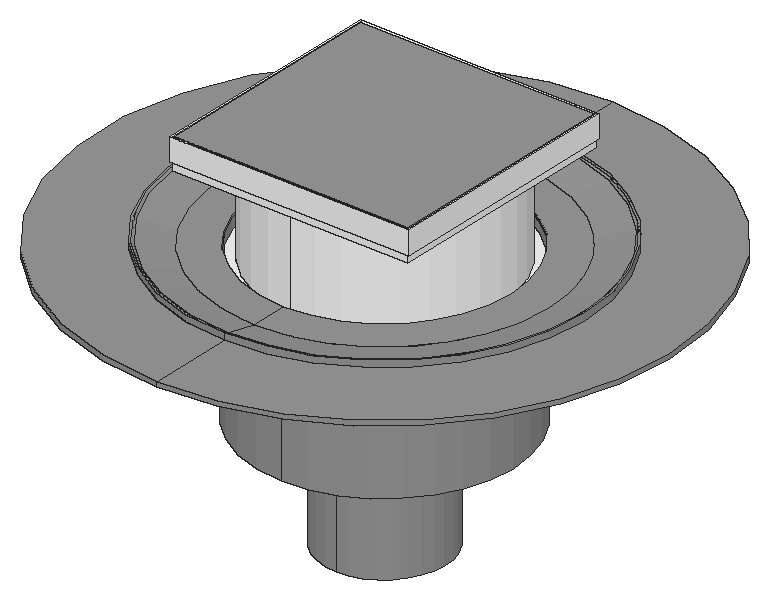
Revit family "HL_RU_Roof drain_HL62B-B-221103", category Sanitärinstallationen, Revit 2020
Family settings
  Bemaßung runder Anschluss = Durchmesser verwenden
  Teiletyp = Normal
  OmniClass-Nummer = 23.70.50.21.24.14
  OmniClass-Titel = Deck Waste Water Drains
  Arbeitsebenenbasiert = Nein
  Immer vertikal = Ja
  Beim Laden mit Abzugskörper schneiden = Nein
  Gemeinsam genutzt = Nein
  Raumberechnungspunkt = Ja
Parameters (values of type "HL_Кровельная воронка_HL62B_7")
  РЕШЁТКА = "Edelstahl 137x137mm"
  РАЗМЕР = "DN75"
  ПРОПУСКНАЯ СПОСОБНОСТЬ [instance] = 0.0 L/s
  ПРОИЗВОДИТЕЛЬНОСТЬ = "6,0 l/s"
  ПРАВОВАЯ ИНФОРМАЦИЯ = "Авторские права(©), права на дизайн или какие либо другие права интелектуальной собственности являются исключительной собственностью компании HL Hutterer & Lechner. Изменению не подлежит. Файл семейства с данными о прозводителе изделия защищен паролем с водяным знаком."
  НОМИНАЛЬНЫЙ ДИАМЕТР = 75 mm
  НАСАДКА = "12-65mm/148x148mm"
  МАТЕРИАЛ = "PP"
  МАКСИМАЛЬНАЯ НАГРУЗКА КЛАССА = "K - 300 kg"
  ВЫСОТА МОНТАЖА = "120 mm"
  ВЕС = "1,8 [kg]"
  Vorgabe-Ansicht = 0 mm
  Hersteller = "HL Hutterer & Lechner GmbH"  # constant formula
  URL = "http://www.hutterer-lechner.com/ru/products/catalog/roof-drains/HL62B/7.aspx"
  Материал плитка [instance] = none
  Lüftungsverbindung = no
  Abwasserrohrverbindung = yes
  HW-Verbindung = no
  KW-Verbindung = no
  Beschreibung = "Кровельные воронки"
  Model = "HL62B_7"
  Assembly Code = " "
  Typenkommentare = "HL62B/7 Кровельная воронка DN75 с зажимным элементом. Проходная _ 148х148мм/137х137мм.,"
  Keynote = "HL62B_7"
  Bысота монтажа [instance] = 65 mm  # constant formula
  G [instance] = 180.00°  # constant formula
  EAN = "9003076836253"
  D [instance] = if(НОМИНАЛЬНЫЙ ДИАМЕТР = 160 mm, 60 mm, 67 mm) + Bысота монтажа  # 132 mm
  C [instance] = if(Bысота монтажа - 68 mm < 0 mm, 0 mm, Bысота монтажа - 68 mm)  # 0 mm
  B [instance] = 100 mm  # constant formula
  A [instance] = if(B - 100 mm > 15 mm, B - 100 mm, 15 mm)  # 15 mm
Types (5, lengths in mm): name | РАЗМЕР | НОМИНАЛЬНЫЙ ДИАМЕТР | ВЕС | URL | Model | Typenkommentare | Keynote | EAN | D
  (no name) | "DN75" | 75 | "1,8 [kg]" | "http://www.hutterer-lechner.com/ru/products/catalog/roof-drains/HL62B/7.aspx" | "HL62B_7" | "HL62B/7 Кровельная воронка DN75 с зажимным элементом. Проходная _ 148х148мм/137х137мм.," | "HL62B_7" | "9003076836253" | 132
  HL_Кровельная воронка_HL62B_1 | "DN110" | 110 | "1,78 [kg]" | "http://www.hutterer-lechner.com/ru/products/catalog/roof-drains/HL62B/1.aspx" | "HL62B_1" | "HL62B/1 Кровельная воронка DN110 с зажимным элементом. Проходная _ 148х148мм/137х137мм.," | "HL62B_1" | "9003076806256" | 132
  HL_Кровельная воронка_HL62B_2 | "DN125" | 125 | "1,78 [kg]" | "http://www.hutterer-lechner.com/ru/products/catalog/roof-drains/HL62B/2.aspx" | "HL62B_2" | "HL62B/2 Кровельная воронка DN125 с зажимным элементом. Проходная _ 148х148мм/137х137мм.," | "HL62B_2" | "9003076816255" | 132
  HL_Кровельная воронка_HL62B_5 | "DN160" | 160 | "1,81 [kg]" | "http://www.hutterer-lechner.com/ru/products/catalog/roof-drains/HL62B/5.aspx" | "HL62B_5" | "HL62B/5 Кровельная воронка DN160 с зажимным элементом. Проходная _ 148х148мм/137х137мм.," | "HL62B_5" | "9003076826254" | 125
  HL_Кровельная воронка_HL62B_7 | "DN75" | 75 | "1,8 [kg]" | "http://www.hutterer-lechner.com/ru/products/catalog/roof-drains/HL62B/7.aspx" | "HL62B_7" | "HL62B/7 Кровельная воронка DN75 с зажимным элементом. Проходная _ 148х148мм/137х137мм.," | "HL62B_7" | "9003076836253" | 132
Reference planes
  plane 1 "Center (Front/Back)": y = 0
  plane 2: z = 0
  plane 3 "Center (Left/Right)": x = 0
  plane 4: z = -100
  plane 5: z = -65
Lines and regions (mm)
  model lines, style "InvisibleLines"
    curve 1: line (0, 0, 0) -> (0, 0, 20)
  model lines, style "PlumbingFixtures", detail levels coarse+medium
    curve 2: line (0, 0, -100) -> (0, 0, -85)
    curve 3: line (0, 0, -85) -> (-85, 0, 0)
    curve 4: line (0, 0, -85) -> (85, 0, 0)
    curve 6: line (0, 0, -100) -> (0, 0, -232)
  reference lines, not visible
    curve 5: line (0, 0, -100) -> (0, 0, -232)
  symbolic lines, style "PlumbingFixtures", detail levels coarse+medium
    curve 7: line (-75, 75, 0) -> (75, 75, 0)
    curve 8: line (-75, -75, 0) -> (-75, 75, 0)
    curve 9: line (75, -75, 0) -> (-75, -75, 0)
    curve 10: line (75, 75, 0) -> (75, -75, 0)
    curve 11: line (-75, 75, 0) -> (-145.711, 145.711, 0)
    curve 12: line (75, 75, 0) -> (145.711, 145.711, 0)
    curve 13: line (-75, -75, 0) -> (-145.711, -145.711, 0)
    curve 14: line (75, -75, 0) -> (145.711, -145.711, 0)
  symbolic lines, style "PlumbingFixtures", not visible, detail levels coarse+medium
    curve 15: line (-75, 75, 0) -> (75, 75, 0)
    curve 16: line (-75, -75, 0) -> (-75, 75, 0)
    curve 17: line (75, -75, 0) -> (-75, -75, 0)
    curve 18: line (75, 75, 0) -> (75, -75, 0)
    curve 19: line (-75, 75, 0) -> (-145.711, 145.711, 0)
    curve 20: line (75, 75, 0) -> (145.711, 145.711, 0)
    curve 21: line (-75, -75, 0) -> (-145.711, -145.711, 0)
    curve 22: line (75, -75, 0) -> (145.711, -145.711, 0)
Text (mm)
  text "FLOOR" at (-162.344, 0, -10.979), in view "Drain Construction View"
Dimensions and locks
  "B": plane 2 to plane 4
  "Bысота монтажа": plane 2 to plane 5
  "A": curve 4 to plane 4
  "D": curve 5 to curve 5
  "D": curve 6 to curve 6
  locked: curve 4 to plane 3 "Center (Left/Right)" (angle 45.00°)
  locked: plane 3 "Center (Left/Right)" to curve 3 (angle 45.00°)
  "G": angle curve 5 to plane 3 "Center (Left/Right)"
  aligned and locked: level to plane 2
  aligned and locked: plane 2 to curve 4
  aligned and locked: plane 2 to curve 3
  aligned and locked: plane 4 to curve 5
  aligned and locked: plane 3 "Center (Left/Right)" to curve 5
  aligned and locked: plane 4 to curve 2
  aligned and locked: curve 6 to plane 3 "Center (Left/Right)"
  aligned and locked: curve 6 to plane 4
  aligned and locked: plane 3 "Center (Left/Right)" to nested 1
  aligned and locked: plane 5 to nested 2
  aligned and locked: plane 2 to nested 1
  aligned and locked: plane 3 "Center (Left/Right)" to nested 2
Automatic sketch dimensions
  curve 2 to plane 3 "Center (Left/Right)" = 0 mm
  curve 1 to plane 3 "Center (Left/Right)" = 0 mm
  curve 1 to level = 0 mm
  level to curve 1 = 20 mm
Nested families
  nested 1: "HL_Насадка_HL66.9S" at (0, 0, 0), Bысота монтажа <- "Bысота монтажа", type "HL_Насадка_HL66.9S"
    with L 93 mm, IHmin 12 mm, IHmax 65 mm, Bысота монтажа 65 mm
  nested 2: "HL_кровельные воронки - корпус_HL62" at (0, 0, -65), НОМИНАЛЬНЫЙ ДИАМЕТР <- "НОМИНАЛЬНЫЙ ДИАМЕТР", type "HL_кровельные воронки - корпус_HL62"
    with НОМИНАЛЬНЫЙ ДИАМЕТР 75 mm, L 69 mm
Connectors
  piping at (0, 0, -232), diameter 75, driven by "ПРОПУСКНАЯ СПОСОБНОСТЬ", driven by "НОМИНАЛЬНЫЙ ДИАМЕТР"
    settings: on curve 5, index 1, connector inside diameter 609.6 mm, connector length 0 mm, flow factor 0, pipe flow 0.0 L/s, pressure drop 0.0 Pa, fitting loss kfactor 0, connector angle 0.00°, fixture units 0, engagement length 0 mm, angle of deflection 0.00°, flow configuration 1, flow direction 2, fitting loss method 0, system type 16, joint type 0, gender type 0, connector reference index -1, connector utility 0, adjustable connector yes, is connector primary yes, connector description ""
Definition of nested family "HL_Насадка_HL66.9S"
  Parameters (values of type "HL_Насадка_HL66.9S")
    РЕШЁТКА = "Edelstahl 138x138mm"
    РАЗМЕР = "d 145 mm"
    ПРАВОВАЯ ИНФОРМАЦИЯ = "Авторские права(©), права на дизайн или какие либо другие права интелектуальной собственности являются исключительной собственностью компании HL Hutterer & Lechner. Изменению не подлежит. Файл семейства с данными о прозводителе изделия защищен паролем с водяным знаком."
    НАСАДКА = "147x147mm"
    МАТЕРИАЛ = "PP"
    МАКСИМАЛЬНАЯ НАГРУЗКА КЛАССА = "K - 300 kg"
    ВЫСОТА МОНТАЖА = "12-65mm"
    Материал плитка = none
    ВЕС = "0,345 [kg]"
    Default Elevation = 0 mm
    L [instance] = if(Bысота монтажа < IHmin, -100 mm, if(Bысота монтажа > IHmax, -100 mm, Bысота монтажа + 28 mm))  # 93 mm
    Manufacturer = "HL Hutterer & Lechner GmbH"
    URL = "http://www.hutterer-lechner.com/ru/products/catalog/roof-drains/HL66.9.aspx"
    Description = "Кровельные воронки"
    Model = "HL66.9"
    Type Comments = "HL66.9, Насадка d 145мм с бороздками/147х147мм/138х138мм"
    Keynote = "HL66.9"
    Bысота монтажа [instance] = 65 mm
    IHmin [instance] = 12 mm
    IHmax [instance] = 65 mm
    EAN = "9003076014606"
    Cost = 0
  Reference planes
    plane 1 "Střed (vpředu/vzadu)": y = 0
    plane 2: z = 0
    plane 3 "Střed (vlevo/vpravo)": x = 0
  Forms (mm)
    Revolve 1, solid, detail levels fine
      sketch origin (0, 0, 128) x (0, 1, 0) y (0, 0, 1)
        loop
          line (72.5, -142) -> (69.248, -142) -> (69.248, -221) -> (72.5, -221) -> (72.5, -142)
        axis (0, -142) -> (0, -221)
      angle from 0 to 360
    Extrusion 2, solid, detail levels fine
      sketch origin (-1.537, 0, -14.6) x (0, 1, 0) y (-1, 0, 0)
        loop
          line (74, 72.459) -> (-74, 72.459) -> (-74, -75.537) -> (74, -75.537) -> (74, 72.459)
        loop
          line (73, 71.463) -> (-73, 71.463) -> (-73, -74.537) -> (73, -74.537) -> (73, 71.463)
      from 0.6 to 14.6
    Extrusion 3, solid, detail levels fine
      sketch origin (-1.537, 0, -14) x (-1, 0, 0) y (0, 1, 0)
        loop
          line (71.463, 73) -> (-74.537, 73) -> (-74.537, -73) -> (71.463, -73) -> (71.463, 73)
        loop
          circle (-1.537, 0) r 72.5
      from 0 to 5
    Extrusion 4, solid, detail levels fine
      sketch origin (-1.537, 0, -14) x (-1, 0, 0) y (0, -1, 0)
        loop
          line (70.95, -72.397) -> (70.95, 72.463) -> (-74.05, 72.463) -> (-74.05, -72.397) -> (70.95, -72.397)
      from 0 to 14
    Revolve 5, solid, detail levels fine
      sketch origin (0, 75.989, -93) x (0, -1, 0) y (0, 0, -1)
        loop
          line (3.489, -20) -> (3.489, 0) -> (0.186, 0) -> (-2.325, -2.511) -> (-2.325, -20) -> (3.489, -20)
        axis (75.989, -20) -> (75.989, 0)
      angle from 0 to 360
  Lines and regions (mm)
    model lines, detail levels fine
      curve 1: line (36.25, 24.325, 0) -> (36.25, -24.42, 0)
      curve 2: line (43.75, -24.42, 0) -> (43.75, 24.325, 0)
      curve 3: line (52.25, 40.306, 0) -> (52.25, -40.355, 0)
      curve 4: line (59.75, -40.355, 0) -> (59.75, 40.306, 0)
      curve 5: line (20.25, 8.588, 0) -> (20.25, -8.684, 0)
      curve 6: line (27.75, -8.684, 0) -> (27.75, 8.588, 0)
      curve 7: arc (27.75, 8.588, 0) -> (24, 12.338, 0) -> (20.25, 8.588, 0) r 3.75
      curve 8: arc (20.25, -8.684, 0) -> (24, -12.434, 0) -> (27.75, -8.684, 0) r 3.75
      curve 9: arc (36.25, -24.42, 0) -> (40, -28.17, 0) -> (43.75, -24.42, 0) r 3.75
      curve 10: arc (43.75, 24.325, 0) -> (40, 28.075, 0) -> (36.25, 24.325, 0) r 3.75
      curve 11: arc (59.75, 40.306, 0) -> (56, 44.056, 0) -> (52.25, 40.306, 0) r 3.75
      curve 12: arc (52.25, -40.355, 0) -> (56, -44.105, 0) -> (59.75, -40.355, 0) r 3.75
      curve 13: line (-24.325, -36.25, 0) -> (24.42, -36.25, 0)
      curve 14: line (24.42, -43.75, 0) -> (-24.325, -43.75, 0)
      curve 15: line (-40.306, -52.25, 0) -> (40.355, -52.25, 0)
      curve 16: line (40.355, -59.75, 0) -> (-40.306, -59.75, 0)
      curve 17: line (-8.588, -20.25, 0) -> (8.684, -20.25, 0)
      curve 18: line (8.684, -27.75, 0) -> (-8.588, -27.75, 0)
      curve 19: arc (-8.588, -27.75, 0) -> (-12.338, -24, 0) -> (-8.588, -20.25, 0) r 3.75
      curve 20: arc (8.684, -20.25, 0) -> (12.434, -24, 0) -> (8.684, -27.75, 0) r 3.75
      curve 21: arc (24.42, -36.25, 0) -> (28.17, -40, 0) -> (24.42, -43.75, 0) r 3.75
      curve 22: arc (-24.325, -43.75, 0) -> (-28.075, -40, 0) -> (-24.325, -36.25, 0) r 3.75
      curve 23: arc (-40.306, -59.75, 0) -> (-44.056, -56, 0) -> (-40.306, -52.25, 0) r 3.75
      curve 24: arc (40.355, -52.25, 0) -> (44.105, -56, 0) -> (40.355, -59.75, 0) r 3.75
      curve 25: line (36.25, -24.42, 0) -> (36.25, 24.325, 0)
      curve 26: line (43.75, 24.325, 0) -> (43.75, -24.42, 0)
      curve 27: line (52.25, -40.355, 0) -> (52.25, 40.306, 0)
      curve 28: line (59.75, 40.306, 0) -> (59.75, -40.355, 0)
      curve 29: line (20.25, -8.684, 0) -> (20.25, 8.588, 0)
      curve 30: line (27.75, 8.588, 0) -> (27.75, -8.684, 0)
      curve 31: arc (27.75, -8.588, 0) -> (24, -12.338, 0) -> (20.25, -8.588, 0) r 3.75
      curve 32: arc (20.25, 8.684, 0) -> (24, 12.434, 0) -> (27.75, 8.684, 0) r 3.75
      curve 33: arc (36.25, 24.42, 0) -> (40, 28.17, 0) -> (43.75, 24.42, 0) r 3.75
      curve 34: arc (43.75, -24.325, 0) -> (40, -28.075, 0) -> (36.25, -24.325, 0) r 3.75
      curve 35: arc (59.75, -40.306, 0) -> (56, -44.056, 0) -> (52.25, -40.306, 0) r 3.75
      curve 36: arc (52.25, 40.355, 0) -> (56, 44.105, 0) -> (59.75, 40.355, 0) r 3.75
      curve 37: line (24.42, -36.25, 0) -> (-24.325, -36.25, 0)
      curve 38: line (-24.325, -43.75, 0) -> (24.42, -43.75, 0)
      curve 39: line (40.355, -52.25, 0) -> (-40.306, -52.25, 0)
      curve 40: line (-40.306, -59.75, 0) -> (40.355, -59.75, 0)
      curve 41: line (8.684, -20.25, 0) -> (-8.588, -20.25, 0)
      curve 42: line (-8.588, -27.75, 0) -> (8.684, -27.75, 0)
      curve 43: arc (8.588, -27.75, 0) -> (12.338, -24, 0) -> (8.588, -20.25, 0) r 3.75
      curve 44: arc (-8.684, -20.25, 0) -> (-12.434, -24, 0) -> (-8.684, -27.75, 0) r 3.75
      curve 45: arc (-24.42, -36.25, 0) -> (-28.17, -40, 0) -> (-24.42, -43.75, 0) r 3.75
      curve 46: arc (24.325, -43.75, 0) -> (28.075, -40, 0) -> (24.325, -36.25, 0) r 3.75
      curve 47: arc (40.306, -59.75, 0) -> (44.056, -56, 0) -> (40.306, -52.25, 0) r 3.75
      curve 48: arc (-40.355, -52.25, 0) -> (-44.105, -56, 0) -> (-40.355, -59.75, 0) r 3.75
      curve 49: line (-36.25, 24.325, 0) -> (-36.25, -24.325, 0)
      curve 50: line (-43.75, -24.325, 0) -> (-43.75, 24.325, 0)
      curve 51: line (-52.25, 40.306, 0) -> (-52.25, -40.306, 0)
      curve 52: line (-59.75, -40.306, 0) -> (-59.75, 40.306, 0)
      curve 53: line (-20.25, 8.588, 0) -> (-20.25, -8.588, 0)
      curve 54: line (-27.75, -8.684, 0) -> (-27.75, 8.588, 0)
      curve 55: arc (-27.75, 8.588, 0) -> (-24, 12.338, 0) -> (-20.25, 8.588, 0) r 3.75
      curve 56: arc (-20.25, -8.684, 0) -> (-24, -12.434, 0) -> (-27.75, -8.684, 0) r 3.75
      curve 57: arc (-43.75, 24.325, 0) -> (-40, 28.075, 0) -> (-36.25, 24.325, 0) r 3.75
      curve 58: arc (-59.75, 40.306, 0) -> (-56, 44.056, 0) -> (-52.25, 40.306, 0) r 3.75
      curve 59: line (-36.25, -24.325, 0) -> (-36.25, 24.325, 0)
      curve 60: line (-43.75, 24.325, 0) -> (-43.75, -24.325, 0)
      curve 61: line (-52.25, -40.306, 0) -> (-52.25, 40.306, 0)
      curve 62: line (-59.75, 40.306, 0) -> (-59.75, -40.306, 0)
      curve 63: line (-20.25, -8.588, 0) -> (-20.25, 8.588, 0)
      curve 64: line (-27.75, 8.588, 0) -> (-27.75, -8.684, 0)
      curve 65: arc (-27.75, -8.588, 0) -> (-24, -12.338, 0) -> (-20.25, -8.588, 0) r 3.75
      curve 66: arc (-20.25, 8.684, 0) -> (-24, 12.434, 0) -> (-27.75, 8.684, 0) r 3.75
      curve 67: arc (-36.25, 24.42, 0) -> (-40, 28.17, 0) -> (-43.75, 24.42, 0) r 3.75
      curve 68: arc (-43.75, -24.325, 0) -> (-40, -28.075, 0) -> (-36.25, -24.325, 0) r 3.75
      curve 69: arc (-59.75, -40.306, 0) -> (-56, -44.056, 0) -> (-52.25, -40.306, 0) r 3.75
      curve 70: arc (-52.25, 40.355, 0) -> (-56, 44.105, 0) -> (-59.75, 40.355, 0) r 3.75
      curve 71: line (-24.42, 36.25, 0) -> (24.325, 36.25, 0)
      curve 72: line (24.42, 43.75, 0) -> (-24.42, 43.75, 0)
      curve 73: line (-40.355, 52.25, 0) -> (40.306, 52.25, 0)
      curve 74: line (40.306, 59.75, 0) -> (-40.355, 59.75, 0)
      curve 75: line (-8.588, 20.25, 0) -> (8.588, 20.25, 0)
      curve 76: line (8.684, 27.75, 0) -> (-8.588, 27.75, 0)
      curve 77: arc (-8.588, 27.75, 0) -> (-12.338, 24, 0) -> (-8.588, 20.25, 0) r 3.75
      curve 78: arc (8.684, 20.25, 0) -> (12.434, 24, 0) -> (8.684, 27.75, 0) r 3.75
      curve 79: arc (24.42, 36.25, 0) -> (28.17, 40, 0) -> (24.42, 43.75, 0) r 3.75
      curve 80: line (24.325, 36.25, 0) -> (-24.42, 36.25, 0)
      curve 81: line (-24.42, 43.75, 0) -> (24.42, 43.75, 0)
      curve 82: line (40.306, 52.25, 0) -> (-40.355, 52.25, 0)
      curve 83: line (-40.355, 59.75, 0) -> (40.306, 59.75, 0)
      curve 84: line (8.588, 20.25, 0) -> (-8.588, 20.25, 0)
      curve 85: line (-8.588, 27.75, 0) -> (8.684, 27.75, 0)
      curve 86: arc (8.588, 27.75, 0) -> (12.338, 24, 0) -> (8.588, 20.25, 0) r 3.75
      curve 87: arc (-8.684, 20.25, 0) -> (-12.434, 24, 0) -> (-8.684, 27.75, 0) r 3.75
      curve 88: arc (-24.42, 36.25, 0) -> (-28.17, 40, 0) -> (-24.42, 43.75, 0) r 3.75
      curve 89: arc (24.325, 43.75, 0) -> (28.075, 40, 0) -> (24.325, 36.25, 0) r 3.75
      curve 90: arc (40.306, 59.75, 0) -> (44.056, 56, 0) -> (40.306, 52.25, 0) r 3.75
      curve 91: arc (-40.355, 52.25, 0) -> (-44.105, 56, 0) -> (-40.355, 59.75, 0) r 3.75
    reference lines
      curve 92: line (0, 75.989, -93) -> (0, -174.011, -93)
  Dimensions and locks
    Extrusion 2 sketch curve to Extrusion 2 sketch curve = 147.996 mm
    Extrusion 2 sketch curve to Extrusion 2 sketch curve = 148 mm
    "L": curve 92 to plane 2
    aligned and locked: level to plane 2
    aligned and locked: Revolve 1 to curve 92
  Automatic sketch dimensions
    plane 1 "Střed (vpředu/vzadu)" to Extrusion 2 sketch curve = 74 mm
    Extrusion 2 sketch curve to Extrusion 2 sketch curve = 1 mm  (x3)
    plane 3 "Střed (vlevo/vpravo)" to Extrusion 2 sketch curve = 74 mm
    Extrusion 2 sketch curve to Extrusion 2 sketch curve = 0.996 mm
    Extrusion 3 sketch curve to Extrusion 2 = 0 mm  (x4)
    Extrusion 3 sketch curve to Extrusion 2 = 73 mm  (x2)
    Extrusion 2 to curve 16 = 13.25 mm
    curve 24 to curve 47 = 3.75 mm
    curve 47 to curve 24 = 0 mm
    curve 48 to curve 23 = 0 mm  (x2)
    curve 23 to curve 38 = 8.5 mm
    curve 24 to curve 12 = 11.895 mm
    curve 12 to curve 35 = 0.048 mm
    curve 15 to curve 69 = 11.944 mm
    curve 22 to curve 45 = 3.75 mm
    curve 21 to curve 46 = 3.75 mm
    curve 46 to curve 21 = 0 mm
    curve 22 to curve 18 = 8.5 mm
    curve 21 to curve 9 = 11.83 mm
    curve 13 to curve 49 = 11.925 mm
    curve 9 to curve 34 = 0.095 mm
    curve 18 to curve 19 = 3.75 mm
    curve 44 to curve 19 = 0 mm  (x2)
    curve 43 to curve 20 = 0 mm
    curve 20 to curve 5 = 11.566 mm
    curve 49 to curve 64 = 15.642 mm
    curve 8 to curve 31 = 0.095 mm
    curve 56 to curve 53 = 0.095 mm
    curve 65 to curve 64 = 17.177 mm
    curve 31 to curve 29 = 17.177 mm
    curve 7 to curve 32 = 0.095 mm
    curve 55 to curve 66 = 0.095 mm
    curve 32 to curve 84 = 11.566 mm
    curve 86 to curve 78 = 3.75 mm
    curve 86 to curve 78 = 0 mm
    curve 77 to curve 87 = 3.75 mm
    curve 87 to curve 77 = 0 mm  (x2)
    curve 66 to curve 60 = 15.642 mm
    curve 32 to curve 26 = 15.642 mm
    curve 10 to curve 33 = 0.095 mm
    curve 57 to curve 67 = 0.095 mm
    curve 33 to curve 71 = 11.83 mm
    curve 89 to curve 89 = 3.75 mm
    curve 88 to curve 88 = 3.75 mm
    curve 89 to curve 79 = 0 mm
    curve 33 to curve 11 = 15.886 mm
    curve 67 to curve 51 = 15.886 mm
    curve 58 to curve 70 = 0.048 mm
    curve 11 to curve 36 = 0.048 mm
    curve 70 to curve 73 = 11.895 mm
    curve 90 to curve 90 = 3.75 mm
    Extrusion 2 to curve 28 = 13.25 mm
    curve 4 to curve 11 = 3.75 mm
    curve 35 to curve 12 = 0 mm
    curve 36 to curve 11 = 0 mm
    curve 3 to curve 2 = 8.5 mm
    curve 3 to curve 39 = 11.895 mm
    curve 11 to curve 83 = 11.944 mm
    curve 24 to curve 47 = 0.048 mm
    curve 26 to curve 9 = 3.75 mm
    curve 33 to curve 10 = 0 mm
    curve 34 to curve 9 = 0 mm
    curve 34 to curve 30 = 8.5 mm
    curve 90 to curve 72 = 15.886 mm
    curve 1 to curve 21 = 11.83 mm
    curve 79 to curve 80 = 0.095 mm
    curve 21 to curve 46 = 0.095 mm
    curve 6 to curve 32 = 3.75 mm
    curve 6 to curve 8 = 3.75 mm
    curve 31 to curve 8 = 0 mm
    curve 29 to curve 17 = 11.566 mm
    curve 7 to curve 78 = 11.566 mm
    curve 78 to curve 86 = 0.095 mm
    curve 20 to curve 43 = 0.095 mm
    curve 43 to curve 41 = 17.177 mm
    curve 86 to curve 77 = 17.177 mm
    curve 19 to curve 44 = 0.095 mm
    curve 77 to curve 87 = 0.095 mm
    curve 87 to curve 53 = 11.566 mm
    curve 53 to curve 66 = 3.75 mm
    curve 55 to curve 66 = 0 mm
    curve 56 to curve 54 = 3.75 mm
    curve 65 to curve 56 = 0 mm
    curve 44 to curve 14 = 15.642 mm
    curve 22 to curve 45 = 0.095 mm
    curve 87 to curve 72 = 15.736 mm
    curve 45 to curve 59 = 11.83 mm
    curve 57 to curve 67 = 3.75 mm
    curve 68 to curve 68 = 3.75 mm
    curve 45 to curve 15 = 15.886 mm
    curve 23 to curve 48 = 0.048 mm
    curve 72 to curve 74 = 15.935 mm
    curve 91 to curve 51 = 11.895 mm
    curve 51 to curve 70 = 3.75 mm
    curve 51 to curve 69 = 3.75 mm
    curve 45 to curve 22 = 0 mm
    curve 36 to curve 28 = 0 mm
    curve 33 to curve 2 = 0 mm
    curve 32 to curve 30 = 0 mm
    curve 66 to curve 55 = 0 mm
    curve 67 to curve 57 = 0 mm
    curve 70 to curve 51 = 0 mm
    Extrusion 4 sketch curve to Extrusion 3 = 0.487 mm
    Extrusion 4 sketch curve to Extrusion 3 = 0.513 mm
    Extrusion 4 sketch curve to Extrusion 3 = 0.603 mm
    Extrusion 4 sketch curve to Extrusion 3 = 0.537 mm
    Revolve 1 sketch curve to plane 1 "Střed (vpředu/vzadu)" = 0 mm
    Revolve 1 sketch curve to level = 14 mm
    Revolve 1 sketch curve to plane 1 "Střed (vpředu/vzadu)" = 69.248 mm
    Revolve 1 sketch curve to Revolve 1 sketch curve = 3.252 mm
    Revolve 1 sketch curve to Revolve 1 sketch curve = 79 mm
    Revolve 1 sketch curve to Revolve 1 sketch curve = 17.5 mm
    level to Revolve 1 sketch curve = 144.5 mm
    Revolve 5 sketch curve to curve 92 = 0 mm
    Revolve 5 sketch curve to curve 92 = 2.325 mm
    curve 92 to Revolve 5 sketch curve = 0.186 mm
    curve 92 to Revolve 5 sketch curve = 3.489 mm
    Revolve 5 sketch curve to curve 92 = 2.511 mm
    Revolve 5 sketch curve to curve 92 = 20 mm
    curve 92 to Revolve 5 sketch curve = 75.989 mm
    Revolve 5 sketch curve to curve 92 = 393 mm
    curve 92 to Revolve 5 sketch curve = 207 mm
    plane 1 "Střed (vpředu/vzadu)" to curve 92 = 174.011 mm
    curve 92 to plane 1 "Střed (vpředu/vzadu)" = 75.989 mm
    radius of Extrusion 3 sketch curve = 72.5 mm
Definition of nested family "HL_кровельные воронки - корпус_HL62"
  Parameters (values of type "HL_кровельные воронки - корпус_HL62")
    НОМИНАЛЬНЫЙ ДИАМЕТР [instance] = 110 mm
    Default Elevation = 0 mm
    Manufacturer = ""
    URL = ""
    Description = ""
    Model = ""
    L [instance] = if(НОМИНАЛЬНЫЙ ДИАМЕТР = 160 mm, 62 mm, 69 mm)  # 69 mm
    Type Comments = ""
    Cost = 0
  Reference planes
    plane 1 "Střed (vpředu/vzadu)": y = 0
    plane 2: z = 0
    plane 3 "Střed (vlevo/vpravo)": x = 0
    plane 4: z = -97.92
  Forms (mm)
    Revolve 1, solid, detail levels fine
      sketch origin (0, 0, 0) x (0, 1, 0) y (0, 0, 1)
        loop
          line (177, -3) -> (177, 0) -> (124.39, 0) -> (101.905, -2.2) -> (79.004, -2.2) -> (79.004, -22.024) -> (74.451, -22.024) -> (74.451, -35.37) -> (65.787, -35.37) -> (64.804, -43.37) -> (0, -43.37) -> (0, -97.92) -> (79.982, -97.92) -> (79.982, -31.54) -> (86.489, -31.54) -> (86.489, -28.04) -> (101.489, -28.04) -> (101.489, -13.704) -> (130.898, -3) -> (177, -3)
        axis (0, 0) -> (0, -97.92)
      angle from 0 to 360
    Revolve 2, solid, detail levels fine
      sketch origin (0, 0, 0) x (0, 1, 0) y (0, 0, 1)
        loop
          line (124.39, 0) -> (124.39, 4) -> (123.297, 4) -> (122.033, 3.115) -> (101.733, -1.2) -> (79.004, -1.2) -> (79.004, -2.2) -> (101.905, -2.2) -> (124.39, 0)
        axis (0, 4) -> (0, -2.2)
      angle from 0 to 360
    Extrusion 3, solid, detail levels fine
      sketch origin (0, 79.982, -97.92) x (0, 1, 0) y (-1, 0, 0)
        loop
          circle (-79.982, 0) r 55
      from 0 to -69
  Dimensions and locks
    "L": plane 4 to Extrusion 3
    "НОМИНАЛЬНЫЙ ДИАМЕТР": diameter of Extrusion 3 sketch curve
    aligned and locked: level to plane 2
  Automatic sketch dimensions
    Revolve 1 sketch curve to plane 1 "Střed (vpředu/vzadu)" = 0 mm  (x2)
    level to Revolve 1 sketch curve = 0 mm
    Revolve 1 sketch curve to plane 1 "Střed (vpředu/vzadu)" = 64.804 mm
    Revolve 1 sketch curve to Revolve 1 sketch curve = 0.982 mm
    Revolve 1 sketch curve to Revolve 1 sketch curve = 8.664 mm
    Revolve 1 sketch curve to Revolve 1 sketch curve = 4.553 mm
    Revolve 1 sketch curve to Revolve 1 sketch curve = 15.178 mm
    Revolve 1 sketch curve to Revolve 1 sketch curve = 6.507 mm
    Revolve 1 sketch curve to Revolve 1 sketch curve = 15 mm
    Revolve 1 sketch curve to level = 2.2 mm
    Revolve 1 sketch curve to Revolve 1 sketch curve = 0.416 mm
    Revolve 1 sketch curve to Revolve 1 sketch curve = 22.485 mm
    Revolve 1 sketch curve to level = 3 mm
    Revolve 1 sketch curve to Revolve 1 sketch curve = 6.508 mm
    Revolve 1 sketch curve to Revolve 1 sketch curve = 46.102 mm
    Revolve 1 sketch curve to Revolve 1 sketch curve = 11.504 mm
    Revolve 1 sketch curve to Revolve 1 sketch curve = 19.824 mm
    Revolve 1 sketch curve to Revolve 1 sketch curve = 6.016 mm
    Revolve 1 sketch curve to Revolve 1 sketch curve = 3.5 mm
    Revolve 1 sketch curve to Revolve 1 sketch curve = 3.83 mm
    Revolve 1 sketch curve to Revolve 1 sketch curve = 8 mm
    Revolve 1 sketch curve to Revolve 1 sketch curve = 54.55 mm
    Revolve 1 sketch curve to Revolve 1 sketch curve = 202.08 mm
    level to Revolve 1 sketch curve = 300 mm
    Revolve 2 sketch curve to plane 1 "Střed (vpředu/vzadu)" = 0 mm
    level to Revolve 2 sketch curve = 0 mm
    Revolve 2 sketch curve to level = 2.2 mm
    Revolve 2 sketch curve to plane 1 "Střed (vpředu/vzadu)" = 79.004 mm
    Revolve 2 sketch curve to level = 1.2 mm
    Revolve 2 sketch curve to Revolve 2 sketch curve = 22.729 mm
    Revolve 2 sketch curve to Revolve 2 sketch curve = 0.172 mm
    level to Revolve 2 sketch curve = 3.115 mm
    Revolve 2 sketch curve to Revolve 2 sketch curve = 20.299 mm
    Revolve 2 sketch curve to Revolve 2 sketch curve = 1.264 mm
    Revolve 2 sketch curve to Revolve 2 sketch curve = 1.093 mm
    Revolve 2 sketch curve to Revolve 2 sketch curve = 0.885 mm
    Revolve 2 sketch curve to level = 69.647 mm
    level to Revolve 2 sketch curve = 33.8 mm
    plane 1 "Střed (vpředu/vzadu)" to Extrusion 3 sketch curve = 0 mm
    Extrusion 3 sketch curve to plane 3 "Střed (vlevo/vpravo)" = 0 mm
